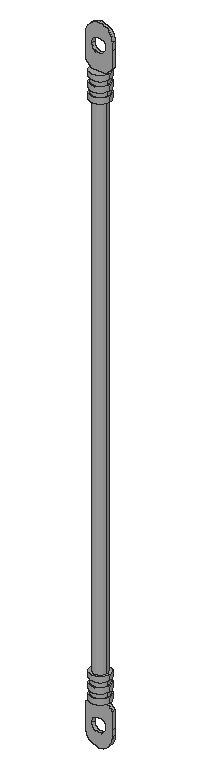
Revit family "FA_ПеремычкаГибкая_ПГС300_41915_EZETEK", category Системы пожарной сигнализации, Revit 2017
Family settings
  Сохранять ориентацию аннотаций = Нет
  Размер круглого соединителя = Использовать радиус
  Тип детали = Нормальный
  На основе рабочей плоскости = Нет
  Всегда вертикально = Да
  При загрузке вырезать с полостями = Нет
  Общий = Нет
  Точка расчета площади = Нет
Parameters (values of type "ПеремычкаГибкая_ПГС300_41915")
  Описание = "Перемычка ПГС используется для заземления между трубопроводами и другими протяжёнными металлическими предметами (каркас сооружения, оболочки кабелей, металлические конструкции и т.д.) в местах их взаимного сближения на расстоянии 10 см и меньше через каждые 20 м длинны следует присоединять перемычки, для того чтобы не допускать образования незамкнутых контуров. В местах соединений необходимо устройство перемычек диаметром не менее 5 мм."  # constant formula
  Производитель_Контакты = "ezetek@ezetek.ru"  # constant formula
  Изготовитель = "Ezetek"  # constant formula
  Группа модели = "FA_ПеремычкаГибкая_ПГС300_41915_EZETEK"  # constant formula
  URL = "https://ezetek.ru/"
  ADSK_Этаж [instance] = ""
  ADSK_Примечание [instance] = ""
  ADSK_Позиция [instance] = ""
  ADSK_Обозначение = "41915"
  ADSK_Наименование краткое [instance] = "Перемычка гибкая"
  ADSK_Наименование = "Перемычка гибкая ПГС 300, оцинк."
  ADSK_Материал = BIMLIB_Сталь_Оцинкованная_EZETEK
  ADSK_Масса_Текст = "0.16"
  ADSK_Масса = 0.16
  ADSK_Марка = "41915"
  ADSK_Количество = 1  # constant formula
  ADSK_Код изделия = "41915"
  ADSK_Завод-изготовитель = "Ezetek"  # constant formula
  ADSK_Единица измерения = "шт."  # constant formula
  ADSK_Группирование [instance] = ""
  ADSK_Версия Revit = "2017"  # constant formula
Reference planes
  plane 1 "По центру (Вперед/Назад)": y = 0
  plane 2: z = 0
  plane 3 "По центру (Влево/Вправо)": x = 0
  plane 4: y = -1
  plane 5: y = 1
  plane 6: z = 364
  plane 7: x = 5
Forms (mm)
  Extrusion 1, solid, material "BIMLIB_Сталь_Оцинкованная_EZETEK" <- "ADSK_Материал", detail levels fine
    sketch origin (0, 0, 0) x (1, 0, 0) y (0, 0, 1)
      loop
        circle (0, 0) r 4.25
      loop
        line (8, 0) -> (8, 10) -> (4.464, 13.536) -> (0, 13.536) -> (-4.464, 13.536) -> (-8, 10) -> (-8, 0) -> (-8, -4.063)
        arc (-8, -4.063) -> (-5.657, -9.719) -> (0, -12.062) r 8
        arc (0, -12.062) -> (5.657, -9.719) -> (8, -4.063) r 8
        line (8, -4.063) -> (8, 0)
    from 1 to -1
  Extrusion 2, solid, material "BIMLIB_Сталь_Оцинкованная_EZETEK" <- "ADSK_Материал", detail levels fine
    sketch origin (0, 0, 364) x (1, 0, 0) y (0, 0, 1)
      loop
        circle (0, 0) r 4.25
      loop
        line (8, 0) -> (8, 4.063)
        arc (8, 4.063) -> (5.657, 9.719) -> (0, 12.062) r 8
        arc (0, 12.062) -> (-5.657, 9.719) -> (-8, 4.063) r 8
        line (-8, 4.063) -> (-8, 0) -> (-8, -10) -> (-4.464, -13.536) -> (0, -13.536) -> (4.464, -13.536) -> (8, -10) -> (8, 0)
    from 1 to -1
  Revolve 3, solid, material "BIMLIB_Сталь_Оцинкованная_EZETEK" <- "ADSK_Материал", detail levels fine
    sketch origin (0, 0, 0) x (1, 0, 0) y (0, 0, 1)
      loop
        line (0, 350.464) -> (0, 13.536) -> (5.75, 13.536) -> (5.75, 16.539) -> (4.75, 16.539) -> (4.75, 19.542) -> (5.75, 19.542) -> (5.75, 22.545) -> (4.75, 22.545) -> (4.75, 25.548) -> (5.75, 25.548) -> (5.75, 28.551) -> (3.75, 28.551) -> (3.75, 335.449) -> (5.75, 335.449) -> (5.75, 338.452) -> (4.75, 338.452) -> (4.75, 341.455) -> (5.75, 341.455) -> (5.75, 344.458) -> (4.75, 344.458) -> (4.75, 347.461) -> (5.75, 347.461) -> (5.75, 350.464) -> (0, 350.464)
      axis (0, 350.464) -> (0, 13.536)
    angle from 0 to 360
Dimensions and locks
  locked: plane 4 to plane 1 "По центру (Вперед/Назад)" at 1
  locked: plane 5 to plane 1 "По центру (Вперед/Назад)" at 1
  locked: plane 6 to plane 2 at 364
  locked: plane 7 to plane 3 "По центру (Влево/Вправо)" at 5
  aligned and locked: level to plane 2
  aligned and locked: Extrusion 2 to plane 4
  aligned and locked: Extrusion 1 to plane 4
  aligned and locked: Extrusion 2 to plane 5
  aligned and locked: Extrusion 1 to plane 5
  aligned and locked: plane 3 "По центру (Влево/Вправо)" to Revolve 3 sketch curve
  aligned and locked: Revolve 3 sketch curve to plane 3 "По центру (Влево/Вправо)"
